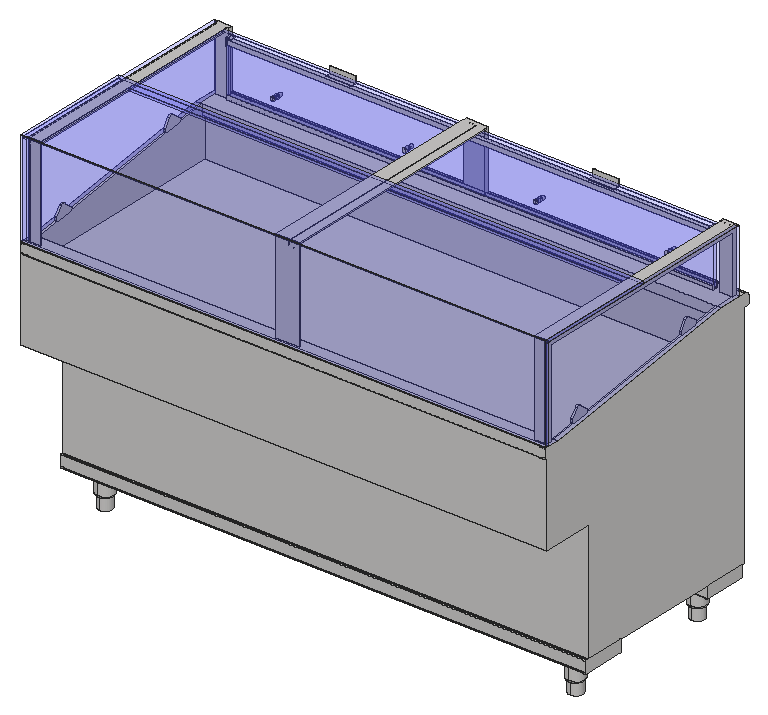
Revit family "Food-Service-Equipment_Oscartek_Rdpc1700_Standard_cat", category Specialty Equipment, Revit 2026 (continued)
Automatic sketch dimensions
  Revolve 31 sketch curve to Revolve 31 sketch curve = 0.15222"
  Revolve 31 sketch curve to Revolve 31 sketch curve = 0.09778"
  Revolve 31 sketch curve to Revolve 31 sketch curve = 1/4"
  Revolve 32 sketch curve to Revolve 32 sketch curve = 0.19974"
  Revolve 32 sketch curve to Revolve 32 sketch curve = 0"  (x3)
  Revolve 32 sketch curve to Revolve 32 sketch curve = 0.42016"
  Revolve 32 sketch curve to plane 6 "TOP" = 6.25203"
  Revolve 32 sketch curve to Revolve 32 sketch curve = 0.09778"
  Revolve 32 sketch curve to Revolve 32 sketch curve = 0.10128"
  Revolve 32 sketch curve to Revolve 32 sketch curve = 1/4"
  plane 11 to Extrusion 33 sketch curve = 2 3/4"
  plane 10 "Right Off" to Extrusion 33 sketch curve = 1 5/8"
  Extrusion 34 sketch curve to plane 6 "TOP" = 0"
  Extrusion 34 sketch curve to plane 5 "FRONT" = 0.03855"
  radius of Extrusion 25 sketch curve = 1/4"
  radius of Extrusion 33 sketch curve = 1/2"  (x2)
Nested families (in)
  nested 1: "QF_Oscartek_RHCBM2000" at (19.37302, -8.33366, -0.60451), Watts <- "Watts", Volts <- "Volts", Phase <- "Phase", Number of Poles <- "Number of Poles", Min Ckt Ampacity <- "Min Ckt Ampacity", Max Overcurrent Protection <- "Max Overcurrent Protection", HP <- "HP", FL Amps <- "FL Amps", Electrical Remarks <- "Electrical Remarks", Electric Connection Type <- "Electric Connection Type", Elec Conn RI Height <- "Elec Conn RI Height", Cycle <- "Cycle", Conn Plug <- "Conn Plug", Conn Conduit <- "Conn Conduit", Apparent Power <- "Apparent Power", type "QF_Oscartek_RHCBM2000"
    with Watts 885 W, Volts 230 V, Type Mark "", Status "", Specification by User "", Revision Code "", Phase 1, Number of Poles 1, Min Ckt Ampacity 0 A, Max Overcurrent Protection 0 A, Item Number "", Installed By "", Identify Quantity as Lot yes, HP "", Furnished By "", Foodservice Equipment Identifier yes, FL Amps 4.5 A, Electrical Remarks "", Electric Connection Type "", Elec Conn RI Height 0", Elec Conn Connection Height 0", Cycle 50 Hz, Conn Plug "", Conn Conduit yes, Apparent Power 1035 VA
Connectors (in)
  electrical at (40.90027, -8.83366, 5.39549), driven by "Volts", driven by "Watts"
    settings: on Extrusion 25, index 1, voltage 230 V, apparent load 885 VA, apparent load phase1 0 VA, apparent load phase2 0 VA, apparent load phase3 0 VA, power factor 1, load classification "Other", number of poles 1, system type 30, power factor state 1, is connector primary yes, connector utility no, sub classification motor no, connector description "Electrical Connection"
  electrical at (19.87302, -8.83366, 5.39549), driven by "Volts", driven by "Watts"
    settings: on nested 1, index 2, voltage 230 V, apparent load 885 VA, apparent load phase1 0 VA, apparent load phase2 0 VA, apparent load phase3 0 VA, power factor 1, load classification "Other", number of poles 1, system type 30, power factor state 1, is connector primary no, connector utility no, sub classification motor no, connector description "Electrical Connection"
  piping at (3.25, -2.70866, 21.25), diameter 1
    settings: on Extrusion 33, index 3, connector inside diameter 1", connector length 0", flow factor 0, pipe flow 0 GPM, pressure drop 0.00 psi, fitting loss kfactor 0, connector angle 0.00°, fixture units 0, engagement length 0", angle of deflection 0.00°, flow configuration 1, flow direction 2, fitting loss method 0, system type 16, joint type 0, gender type 0, connector reference index -1, connector utility 0, adjustable connector no, is connector primary yes, connector description "Drain"
  piping at (61.875, -2.70866, 21.25), diameter 1
    settings: on Extrusion 33, index 4, connector inside diameter 1", connector length 0", flow factor 0, pipe flow 0 GPM, pressure drop 0.00 psi, fitting loss kfactor 0, connector angle 0.00°, fixture units 0, engagement length 0", angle of deflection 0.00°, flow configuration 1, flow direction 2, fitting loss method 0, system type 16, joint type 0, gender type 0, connector reference index -1, connector utility 0, adjustable connector no, is connector primary no, connector description "Drain"
Definition of nested family "QF_Oscartek_RHCBM2000"
  Parameters
    Weight in Pounds = 0
    Watts [instance] = 1680 W
    Volts [instance] = 120 V
    URL Cutsheet = ""
    URL = ""
    Type Mark [instance] = ""
    Status [instance] = ""
    Specification by User [instance] = ""
    Specification by Manufacturer = ""
    Serial Number = ""
    Seismic Rating = ""
    SMACNA No = ""
    Revision Code [instance] = ""
    Phase [instance] = 1
    Omniclass Number and Title = ""
    Number of Poles [instance] = 1
    NAFEM Spec ID Number = ""
    Model = "GEM R3 DP2000"
    Min Ckt Ampacity [instance] = 0 A
    Max Overcurrent Protection [instance] = 0 A
    Masterspec = ""
    Manufacturer = ""
    Item Number [instance] = ""
    Installed By [instance] = ""
    Identify Quantity as Lot [instance] = yes
    HP [instance] = ""
    Furnished By [instance] = ""
    Foodservice Equipment Identifier [instance] = yes
    FL Amps [instance] = 14 A
    Electrical Remarks [instance] = ""
    Electric Connection Type [instance] = ""
    Elec Conn RI Height [instance] = 0"
    Elec Conn Connection Height [instance] = 0"
    Description = ""
    Default Elevation = 0"
    Cycle [instance] = 60 Hz
    Conn Plug [instance] = ""
    Conn Conduit [instance] = yes
    CSI MasterFormat = ""
    CSI Master Format = ""
    Apparent Power [instance] = 1680 VA
  Reference planes (in)
    plane 1 "BACK": y = 0
    plane 2: z = 0
    plane 3 "LEFT": x = 0
    plane 4 "RIGHT": x = 1
    plane 5 "FRONT": y = -1
    plane 6 "TOP": z = 47.25
    plane 7 "Center Y": x = 0.5
    plane 8 "Center X": y = -0.5
    plane 9 "Base Height": z = 6
    plane 10: z = 21.25
  Forms (in)
    Extrusion 1, solid
      sketch origin (19.50198, 0, 0) x (1, 0, 0) y (0, 1, 0)
        loop
          circle (-19.00198, -0.5) r 0.25
      from 6 to 6.60451
  Dimensions and locks (in)
    equal spacing: plane 3 "LEFT", plane 7 "Center Y", plane 4 "RIGHT"
    plane 3 "LEFT" to plane 4 "RIGHT" = 1"
    equal spacing: plane 5 "FRONT", plane 8 "Center X", plane 1 "BACK"
    plane 5 "FRONT" to plane 1 "BACK" = 1"
    plane 6 "TOP" to level = 47 1/4"
    plane 9 "Base Height" to level = 6"
    plane 10 to level = 21 1/4"
    aligned and locked: level to plane 2
  Automatic sketch dimensions
    plane 8 "Center X" to Extrusion 1 sketch curve = 0"
    plane 7 "Center Y" to Extrusion 1 sketch curve = 0"
    radius of Extrusion 1 sketch curve = 1/4"
